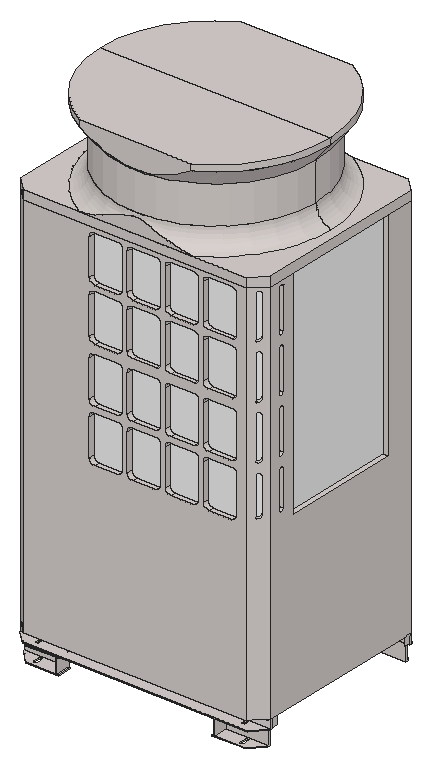
Revit family "PURY-EM200YNW-A", category Mechanical Equipment, Revit 2016 (continued)
Definition of nested family "FAN GUARD"
  Automatic sketch dimensions
    Extrusion 1 sketch curve to plane 7 = 50 mm  (x2)
    plane 8 to Extrusion 1 sketch curve = 50 mm  (x2)
    plane 5 to Extrusion 1 sketch curve = 50 mm  (x2)
    Extrusion 1 sketch curve to plane 6 = 50 mm  (x2)
    plane 3 "中心(左/右)" to Extrusion 3 sketch curve = 345 mm  (x2)
    Extrusion 3 sketch curve to plane 3 "中心(左/右)" = 345 mm  (x2)
    Extrusion 3 sketch curve to Extrusion 3 sketch curve = 175 mm
    Extrusion 3 sketch curve to Extrusion 3 sketch curve = 169.592 mm
    plane 1 "中心(正面/背面)" to curve 2 = 0 mm
    plane 1 "中心(正面/背面)" to curve 3 = 0 mm
    curve 3 to plane 3 "中心(左/右)" = 0 mm
    curve 12 to plane 3 "中心(左/右)" = 0 mm
    plane 1 "中心(正面/背面)" to curve 1 = 0 mm
    plane 3 "中心(左/右)" to curve 55 = 10 mm
    curve 17 to curve 12 = 20 mm
    curve 57 to curve 55 = 20 mm
    curve 18 to curve 17 = 20 mm
    curve 58 to curve 57 = 20 mm
    curve 19 to curve 18 = 20 mm
    curve 59 to curve 58 = 20 mm
    curve 20 to curve 19 = 20 mm
    curve 2 to curve 59 = 10 mm
    curve 21 to curve 20 = 20 mm
    curve 22 to curve 21 = 20 mm
    curve 23 to curve 22 = 20 mm
    curve 24 to curve 23 = 20 mm
    curve 25 to curve 24 = 20 mm
    curve 26 to curve 25 = 20 mm
    curve 27 to curve 26 = 20 mm
    curve 28 to curve 27 = 20 mm
    curve 29 to curve 28 = 20 mm
    curve 11 to curve 29 = 16.639 mm
    curve 7 to curve 29 = 16.639 mm
    curve 30 to curve 7 = 3.361 mm
    curve 31 to curve 30 = 20 mm
    curve 32 to curve 31 = 20 mm
    curve 33 to curve 32 = 20 mm
    curve 6 to curve 33 = 8.323 mm
    curve 10 to curve 33 = 8.323 mm
    curve 34 to curve 10 = 11.677 mm
    curve 35 to curve 34 = 20 mm
    curve 9 to curve 35 = 11.572 mm
    curve 5 to curve 35 = 11.572 mm
    curve 36 to curve 9 = 8.428 mm
    curve 8 to curve 36 = 15.366 mm
    curve 4 to curve 36 = 15.366 mm
    curve 37 to curve 8 = 4.634 mm
    curve 2 to curve 37 = 3 mm
    curve 56 to plane 3 "中心(左/右)" = 10 mm
    curve 13 to plane 3 "中心(左/右)" = 20 mm
    curve 56 to curve 60 = 20 mm
    curve 13 to curve 14 = 20 mm
    curve 60 to curve 61 = 20 mm
    curve 14 to curve 15 = 20 mm
    curve 61 to curve 62 = 20 mm
    curve 15 to curve 16 = 20 mm
    curve 16 to curve 38 = 20 mm
    curve 38 to curve 39 = 20 mm
    curve 39 to curve 40 = 20 mm
    curve 40 to curve 41 = 20 mm
    curve 41 to curve 42 = 20 mm
    curve 42 to curve 43 = 20 mm
    curve 43 to curve 44 = 20 mm
    curve 44 to curve 45 = 20 mm
    curve 45 to curve 46 = 20 mm
    curve 46 to curve 7 = 16.639 mm
    curve 46 to curve 11 = 16.639 mm
    curve 7 to curve 47 = 3.361 mm
    curve 47 to curve 48 = 20 mm
    curve 48 to curve 49 = 20 mm
    curve 49 to curve 50 = 20 mm
    curve 50 to curve 6 = 8.323 mm
    curve 50 to curve 10 = 8.323 mm
    curve 10 to curve 51 = 11.677 mm
    curve 51 to curve 52 = 20 mm
    curve 52 to curve 9 = 11.572 mm
    curve 52 to curve 5 = 11.572 mm
    curve 5 to curve 53 = 8.428 mm
    curve 53 to curve 4 = 15.366 mm
    curve 53 to curve 8 = 15.366 mm
    curve 4 to curve 54 = 4.634 mm
    curve 54 to curve 1 = 3 mm
    curve 8 to plane 1 "中心(正面/背面)" = 80 mm
    curve 36 to curve 8 = 57.583 mm
    curve 53 to curve 8 = 57.583 mm
    curve 9 to curve 36 = 22.417 mm
    curve 52 to curve 9 = 25.82 mm
    curve 35 to curve 9 = 25.82 mm
    curve 51 to curve 52 = 36.282 mm
    curve 34 to curve 35 = 36.282 mm
    curve 10 to curve 51 = 17.899 mm
    curve 33 to curve 10 = 11.653 mm
    curve 50 to curve 10 = 11.653 mm
    curve 49 to curve 50 = 24.986 mm
    curve 32 to curve 33 = 24.986 mm
    curve 48 to curve 49 = 21.571 mm
    curve 31 to curve 32 = 21.571 mm
    curve 47 to curve 48 = 18.853 mm
    curve 30 to curve 31 = 18.853 mm
    curve 11 to curve 30 = 2.937 mm
    curve 29 to curve 11 = 13.66 mm
    curve 46 to curve 11 = 13.66 mm
    curve 28 to curve 29 = 14.663 mm
    curve 45 to curve 46 = 14.663 mm
    curve 44 to curve 45 = 12.965 mm
    curve 27 to curve 28 = 12.965 mm
    curve 12 to curve 27 = 8.712 mm
    curve 12 to curve 21 = 0 mm
    curve 13 to curve 12 = 0 mm
    curve 14 to curve 13 = 0 mm  (x2)
    curve 12 to curve 18 = 0 mm
    curve 21 to curve 23 = 0 mm
    curve 43 to curve 44 = 8.712 mm
    curve 23 to curve 24 = 0 mm  (x2)
    curve 43 to curve 42 = 0 mm  (x2)
    curve 24 to curve 25 = 0 mm  (x2)
    curve 42 to curve 41 = 0 mm  (x2)
    curve 25 to curve 26 = 0 mm  (x2)
    curve 41 to curve 40 = 0 mm  (x2)
    curve 20 to curve 21 = 0 mm  (x2)
    curve 40 to curve 39 = 0 mm  (x2)
    curve 15 to curve 14 = 0 mm
    curve 39 to curve 38 = 0 mm
    curve 38 to curve 16 = 0 mm  (x2)
    curve 18 to curve 19 = 0 mm  (x2)
    curve 12 to curve 17 = 0 mm  (x2)
    curve 21 to curve 22 = 0 mm  (x2)
    curve 8 to curve 37 = 29.711 mm
    curve 8 to curve 54 = 29.711 mm
    plane 1 "中心(正面/背面)" to curve 37 = 50.289 mm
    plane 1 "中心(正面/背面)" to curve 54 = 50.289 mm
    curve 37 to curve 4 = 29.711 mm
    curve 4 to curve 36 = 57.583 mm
    curve 4 to curve 53 = 57.583 mm
    curve 36 to curve 5 = 22.417 mm
    curve 5 to curve 52 = 25.82 mm
    curve 5 to curve 35 = 25.82 mm
    curve 35 to curve 34 = 36.282 mm
    curve 52 to curve 51 = 36.282 mm
    curve 51 to curve 6 = 17.899 mm
    curve 6 to curve 50 = 11.653 mm
    curve 6 to curve 33 = 11.653 mm
    curve 50 to curve 49 = 24.986 mm
    curve 33 to curve 32 = 24.986 mm
    curve 49 to curve 48 = 21.571 mm
    curve 32 to curve 31 = 21.571 mm
    curve 48 to curve 47 = 18.853 mm
    curve 31 to curve 30 = 18.853 mm
    curve 30 to curve 7 = 2.937 mm
    curve 7 to curve 46 = 13.66 mm
    curve 7 to curve 29 = 13.66 mm
    curve 29 to curve 28 = 14.663 mm
    curve 46 to curve 45 = 14.663 mm
    curve 45 to curve 44 = 12.965 mm
    curve 28 to curve 27 = 12.965 mm
    curve 44 to curve 13 = 8.712 mm
    curve 27 to curve 23 = 8.712 mm
    curve 15 to curve 13 = 0 mm
    curve 44 to curve 42 = 8.712 mm
    curve 16 to curve 15 = 0 mm
    curve 22 to curve 23 = 0 mm
    curve 13 to curve 17 = 0 mm
    curve 17 to curve 19 = 0 mm
    Revolve 2 sketch curve to plane 3 "中心(左/右)" = 0 mm
    Revolve 2 sketch curve to plane 10 "ファンガード上面" = 0 mm
    plane 9 "ファンガード基準上面" to Revolve 2 sketch curve = 70.141 mm
    Revolve 2 sketch curve to Revolve 2 sketch curve = 18.161 mm
    Revolve 2 sketch curve to level = 1700.815 mm
    Revolve 2 sketch curve to plane 10 "ファンガード上面" = 93.336 mm
    Revolve 2 sketch curve to plane 10 "ファンガード上面" = 24 mm
    Revolve 2 sketch curve to Revolve 2 sketch curve = 790.769 mm
    Revolve 2 sketch curve to Revolve 2 sketch curve = 17.668 mm
Definition of nested family "BASE LEG"
  Parameters
    Width [instance] = 920 mm
  Reference planes
    plane 1 "中心(正面/背面)": y = 0
    plane 2: z = 0
    plane 3 "中心(左/右)": x = 0
    plane 4: x = 460
    plane 5: x = -460
    plane 6: x = -380
    plane 7: x = 380
    plane 8: y = -18
    plane 9: y = 39
    plane 10: z = 53
    plane 11: y = 42
    plane 12: y = 27
    plane 13: x = 415
    plane 14: x = -415
    plane 15: z = 8
    plane 16: y = 11.5
    plane 17: z = 35
  Forms (mm)
    Extrusion 1, solid
      sketch origin (0, 0, 0) x (0, 1, 0) y (0, 0, 1)
        loop
          line (-18, 0) -> (36, 0) -> (36, 32) -> (56, 32) -> (56, 35) -> (33, 35) -> (33, 3) -> (-18, 3) -> (-18, 0)
      from -460 to 460
    Extrusion 2, void
      sketch origin (0, 0, 0) x (1, 0, 0) y (0, 1, 0)
        loop
          line (415, -18) -> (460, -18) -> (460, 27) -> (415, -18)
        loop
          line (-415, -18) -> (-460, 27) -> (-460, -18) -> (-415, -18)
      from 0 to 250
    Extrusion 3, void
      sketch origin (0, 12.023, 0) x (1, 0, 0) y (0, 1, 0)
        loop
          arc (373, -2.971) -> (380, -9.971) -> (387, -2.971) r 7
          line (387, -2.971) -> (387, 3.023)
          arc (387, 3.023) -> (380, 10.023) -> (373, 3.023) r 7
          line (373, 3.023) -> (373, -2.971)
        loop
          line (-373, -2.971) -> (-373, 3.023)
          arc (-373, 3.023) -> (-380, 10.023) -> (-387, 3.023) r 7
          line (-387, 3.023) -> (-387, -2.971)
          arc (-387, -2.971) -> (-380, -9.971) -> (-373, -2.971) r 7
      from 0 to 250
    Extrusion 4, solid
      sketch origin (0, 0, -3) x (1, 0, 0) y (0, 0, 1)
        loop
          line (457, 8) -> (460, 8) -> (460, 35) -> (457, 35) -> (457, 8)
        loop
          line (-457, 8) -> (-457, 35) -> (-460, 35) -> (-460, 8) -> (-457, 8)
      from -36 to -56
    Extrusion 5, solid
      sketch origin (150, 352, 0) x (1, 0, 0) y (0, 1, 0)
        loop
          line (310, -319) -> (305, -319) -> (305, -320) -> (255, -370) -> (260, -370) -> (310, -320) -> (310, -319)
      from 3 to 35
    Extrusion 6, void
      sketch origin (410, -18, 0) x (0.707107, 0.707107, 0) y (0, 0, 1)
        loop
          line (70.711, 3) -> (-6.741, 39.767) -> (-6.741, 3) -> (70.711, 3)
      from -190.256 to 23.776
    Extrusion 7, solid
      sketch origin (-150, 352, 0) x (-1, 0, 0) y (0, -1, 0)
        loop
          line (310, 319) -> (310, 320) -> (260, 370) -> (255, 370) -> (305, 320) -> (305, 319) -> (310, 319)
      from 3 to 35
    Extrusion 8, void
      sketch origin (-410, -18, 0) x (0.707107, -0.707107, 0) y (0, 0, -1)
        loop
          line (-70.711, -3) -> (0, -35) -> (6.741, -35) -> (6.741, -3) -> (-70.711, -3)
      from -190.256 to 23.776
  Cuts and joins
    Extrusion 2, Extrusion 3 cuts Extrusion 1
    joined: Extrusion 1, Extrusion 4
    Extrusion 8 cuts Extrusion 7
    Extrusion 6 cuts Extrusion 5
  Dimensions and locks
    "Width": plane 5 to plane 4
    equal spacing: plane 5, plane 3 "中心(左/右)", plane 4
    locked: plane 5 to plane 6 at 80
    locked: plane 7 to plane 4 at 80
    locked: plane 8 to plane 9 at 57
    locked: plane 10 to level at 53
    locked: plane 9 to plane 11 at 3
    plane 8 to plane 12 = 45 mm
    locked: plane 13 to plane 4 at 45
    locked: plane 5 to plane 14 at 45
    equal spacing: Extrusion 3 sketch curve, plane 7, Extrusion 3 sketch curve
    equal spacing: Extrusion 3 sketch curve, plane 6, Extrusion 3 sketch curve
    locked: plane 10 to plane 15 at 45
    locked: cut or joined group of Extrusion 1, Extrusion 2, Extrusion 3, Extrusion 4 to Extrusion 4 sketch curve at 3  (x2)
    locked: plane 8 to plane 16 at 29.5
    plane 8 to plane 11 = 60 mm
    cut or joined group of Extrusion 1, Extrusion 2, Extrusion 3, Extrusion 4 to cut or joined group of Extrusion 1, Extrusion 2, Extrusion 3, Extrusion 4 = 35 mm
    aligned and locked: level to plane 2
    aligned and locked: plane 8 to Extrusion 1 sketch curve
    aligned and locked: plane 4 to Extrusion 1
    aligned and locked: Extrusion 1 to plane 5
    aligned and locked: Extrusion 2 sketch curve to plane 4
    aligned and locked: Extrusion 2 sketch curve to plane 8
    aligned and locked: plane 12 to Extrusion 2 sketch curve
    aligned and locked: plane 13 to Extrusion 2 sketch curve
    aligned and locked: plane 4 to Extrusion 4 sketch curve
    aligned and locked: plane 5 to Extrusion 4 sketch curve
    aligned and locked: cut or joined group of Extrusion 7, Extrusion 8 to cut or joined group of Extrusion 1, Extrusion 2, Extrusion 3, Extrusion 4
  Automatic sketch dimensions
    Extrusion 3 sketch curve to plane 1 "中心(正面/背面)" = 9.052 mm  (x2)
    Extrusion 3 sketch curve to plane 7 = 7 mm
    Extrusion 3 sketch curve to plane 1 "中心(正面/背面)" = 15.046 mm  (x2)
    Extrusion 3 sketch curve to plane 6 = 7 mm
    Extrusion 2 sketch curve to plane 5 = 0 mm
    plane 8 to Extrusion 2 sketch curve = 0 mm
    Extrusion 2 sketch curve to plane 14 = 0 mm
    plane 12 to Extrusion 2 sketch curve = 0 mm
    Extrusion 4 sketch curve to plane 10 = 21 mm
    plane 7 to Extrusion 5 sketch curve = 25 mm
    Extrusion 5 sketch curve to Extrusion 5 sketch curve = 5 mm  (x2)
    plane 7 to Extrusion 5 sketch curve = 75 mm
    plane 8 to Extrusion 5 sketch curve = 0 mm
    Extrusion 5 sketch curve to Extrusion 5 sketch curve = 50 mm
    Extrusion 5 sketch curve to Extrusion 5 sketch curve = 0 mm
    Extrusion 5 sketch curve to Extrusion 5 sketch curve = 1 mm
    Extrusion 6 sketch curve to Extrusion 5 = 0 mm  (x2)
    Extrusion 6 sketch curve to Extrusion 5 = 6.741 mm
    Extrusion 6 sketch curve to Extrusion 5 = 4.767 mm
    plane 6 to Extrusion 7 sketch curve = 25 mm
    Extrusion 7 sketch curve to Extrusion 7 sketch curve = 5 mm  (x2)
    Extrusion 7 sketch curve to Extrusion 7 sketch curve = 45 mm
    Extrusion 7 sketch curve to plane 8 = 0 mm
    Extrusion 7 sketch curve to Extrusion 7 sketch curve = 50 mm
    Extrusion 7 sketch curve to Extrusion 7 sketch curve = 0 mm
    Extrusion 7 sketch curve to Extrusion 7 sketch curve = 1 mm
    Extrusion 8 sketch curve to Extrusion 7 = 0 mm  (x2)
    Extrusion 7 to Extrusion 8 sketch curve = 0 mm  (x2)
    Extrusion 7 to Extrusion 8 sketch curve = 6.741 mm
    Extrusion 4 sketch curve to plane 17 = 3 mm
    Extrusion 4 sketch curve to plane 15 = 3 mm  (x2)
    Extrusion 1 sketch curve to plane 17 = 0 mm
    Extrusion 1 sketch curve to level = 0 mm
    level to Extrusion 1 sketch curve = 3 mm
    plane 9 to Extrusion 1 sketch curve = 6 mm
    plane 9 to Extrusion 1 sketch curve = 3 mm
    Extrusion 1 sketch curve to plane 17 = 3 mm
    Extrusion 1 sketch curve to plane 11 = 14 mm
Definition of nested family "ATTACHMENT LEG"
  Parameters
    Width = 145 mm
  Reference planes
    plane 1: z = 0
    plane 2 "中心(左/右)": x = -6
    plane 3: x = -52
    plane 4: x = 85
    plane 5: x = 93
    plane 6: y = -21
    plane 7: y = 27
    plane 8: x = -30
    plane 9: y = 39
    plane 10: z = 60
    plane 11: z = 57
    plane 12: z = 3
    plane 13: x = 82
    plane 14: y = 36
    plane 15: x = -75
    plane 16: y = 31
    plane 17 "幅": x = 93
    plane 18: y = 2.5
    plane 19: y = 21
    plane 20: y = -10
  Forms (mm)
    Extrusion 1, solid
      sketch origin (0, -1, 0) x (1, 0, 0) y (0, 1, 0)
        loop
          line (-75, 36) -> (-75, 27) -> (-28, -20) -> (93, -20) -> (93, 32) -> (85, 32) -> (85, 36) -> (-75, 36)
      from 0 to 60
    Extrusion 2, void
      sketch origin (0, -3, 0) x (1, 0, 0) y (0, 0, 1)
        loop
          line (-75, 57) -> (-75, 3) -> (82, 3) -> (82, 57) -> (-75, 57)
        loop
          line (93, 57) -> (85, 57) -> (85, 3) -> (93, 3) -> (93, 57)
      from -35 to 18
    Extrusion 3, void
      sketch origin (-6, 5.5, 0) x (1, 0, 0) y (0, 1, 0)
        loop
          arc (-7, -8.5) -> (0, -15.5) -> (7, -8.5) r 7
          line (7, -8.5) -> (7, 8.5)
          arc (7, 8.5) -> (0, 15.5) -> (-7, 8.5) r 7
          line (-7, 8.5) -> (-7, -8.5)
      from 0 to 60
  Cuts and joins
    Extrusion 2, Extrusion 3 cuts Extrusion 1
  Dimensions and locks
    locked: plane 3 to plane 4 at 137
    locked: plane 3 to plane 5 at 145
    plane 6 to plane 7 = 48 mm
    locked: plane 10 to level at 60
    Extrusion 3 sketch curve to plane 2 "中心(左/右)" = 7 mm
    locked: plane 15 to plane 2 "中心(左/右)" at 69
    locked: plane 15 to plane 8 at 45
    locked: plane 6 to plane 18 at 23.5
    cut or joined group of Extrusion 1, Extrusion 2, Extrusion 3 to cut or joined group of Extrusion 1, Extrusion 2, Extrusion 3 = 168 mm
    cut or joined group of Extrusion 1, Extrusion 2, Extrusion 3 to cut or joined group of Extrusion 1, Extrusion 2, Extrusion 3 = 56 mm  (x2)
    plane 14 to plane 6 = 57 mm
    aligned and locked: level to plane 1
    aligned and locked: Extrusion 1 sketch curve to plane 4
    aligned and locked: Extrusion 1 sketch curve to plane 5
    aligned: plane 8 to Extrusion 1 sketch curve
    aligned and locked: plane 10 to Extrusion 1
    aligned and locked: Extrusion 2 sketch curve to plane 11
    aligned: plane 3 to Extrusion 2 sketch curve
    aligned and locked: plane 12 to Extrusion 2 sketch curve
    aligned and locked: Extrusion 2 sketch curve to plane 13
    aligned and locked: plane 6 to Extrusion 2
    aligned and locked: plane 11 to Extrusion 2 sketch curve
    aligned and locked: plane 5 to Extrusion 2 sketch curve
    aligned and locked: Extrusion 2 sketch curve to plane 12
    aligned and locked: Extrusion 2 sketch curve to plane 4
    aligned and locked: plane 15 to Extrusion 1 sketch curve
    aligned and locked: Extrusion 2 sketch curve to cut or joined group of Extrusion 1, Extrusion 2, Extrusion 3
    aligned and locked: Extrusion 1 to plane 16
Types (6, lengths in mm): name | Rated Load Ampacity (A) Heating mode | Rated Load Ampacity (A) Cooling mode | Voltage | Hertz | Heating Current (A) | Cooling Current (A)
  PURY-EM200YNW-A _380V_50Hz | 11.4 | 10.3 | 380 V | 50 Hz | 11.4 | 10.3
  PURY-EM200YNW-A _380V_60Hz | 11.4 | 10.3 | 380 V | 60 Hz | 11.4 | 10.3
  PURY-EM200YNW-A _400V_50Hz | 10.8 | 9.8 | 400 V | 50 Hz | 10.8 | 9.8
  PURY-EM200YNW-A _400V_60Hz | 10.8 | 9.8 | 400 V | 60 Hz | 10.8 | 9.8
  PURY-EM200YNW-A _415V_50Hz | 10.4 | 9.5 | 415 V | 50 Hz | 10.4 | 9.5
  PURY-EM200YNW-A _415V_60Hz | 10.4 | 9.5 | 415 V | 60 Hz | 10.4 | 9.5
